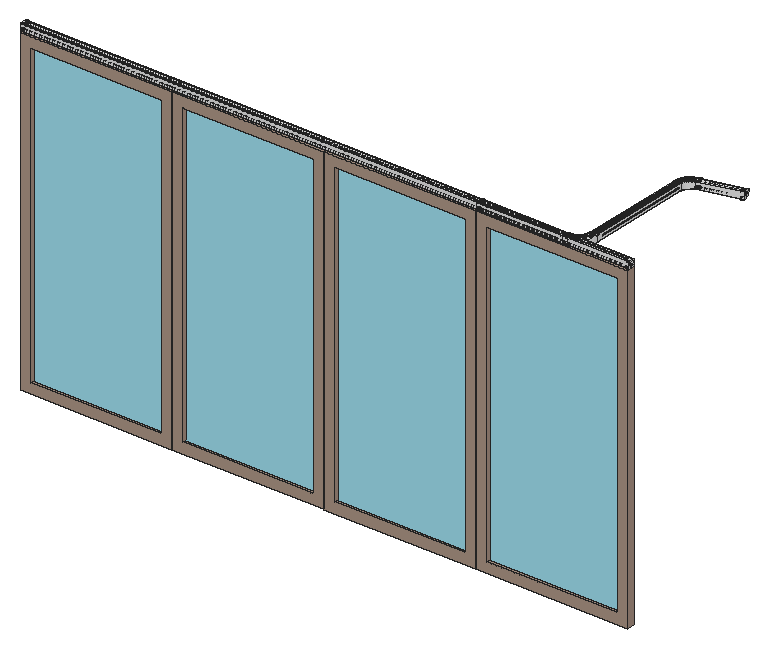
Revit family "RAYDOOR-SSPE3PV1", category Doors, host Wall, Revit 2016
Family settings
  Host = Wall
  Always vertical = Yes
  Cut with Voids When Loaded = No
  Shared = No
  Room Calculation Point = No
Parameters (values of type "174 3/4"x95"")
  URL = "www.raydoor.com"
  Type Image = SPEPV.jpg
  Thickness = 2 1/4"  # constant formula
  Rough Width = 1"  # constant formula
  Rough Height = (Width - 5/16") / 4  # 43 39/64"
  Model = "SSPEPV"
  Function = Interior
  Door Material = Door - Panel
  Panel Material = Glass, Cast, Gray
  Height = 95"
  Trim Projection Ext = 63/64"  # constant formula
  Typ = 3"  # constant formula
  Wall Closure = By host
  Width = 174 3/4"
  Assembly Code = "SSPE3PV1"
Reference planes (in)
  plane 1: y = 0.00227
  plane 2: z = 0
  plane 3: x = 29.9
  plane 4: x = -13.7875
  plane 5: x = 160.9625
  plane 6: z = 95
  plane 7: x = 157.9625
  plane 8: x = 159.4625
  plane 9: x = -12.2875
  plane 10: x = -10.7875
  plane 11: y = -1.12355
  plane 12: y = 1.12645
  plane 13: z = 92.78125
  plane 14: x = 32.9
  plane 15: x = 31.4
  plane 16: x = 26.9
  plane 17: x = 28.4
  plane 18: x = 115.775
  plane 19: x = 117.275
  plane 20: x = 114.275
  plane 21: x = 72.0875
  plane 22: x = 73.5875
  plane 23: x = 70.5875
  plane 24: x = 75.0875
  plane 25: x = 76.5875
  plane 26: x = 118.775
  plane 27: x = 120.275
Forms (in)
  Extrusion 1, solid, material "Door - Panel" <- "Door Material"
    sketch origin (-58, 3.87418, 0.25) x (1, 0, 0) y (0, 0, 1)
      loop
        line (87.93125, 92.53125) -> (87.93125, 0.375) -> (131.55625, 0.375) -> (131.55625, 92.53125) -> (87.93125, 92.53125)
      loop
        line (90.93125, 89.53125) -> (90.93125, 3.375) -> (128.55625, 3.375) -> (128.55625, 89.53125) -> (90.93125, 89.53125)
    from 2.74773 to 4.99773
  Extrusion 2, solid, material "Glass, Cast, Gray" <- "Panel Material"
    sketch origin (-57.74997, -26.22787, 0.25) x (1, 0, 0) y (0, 0, 1)
      loop
        line (87.68122, 92.53125) -> (87.68122, 0.375) -> (131.30622, 0.375) -> (131.30622, 92.53125) -> (87.68122, 92.53125)
    from -26.35104 to -26.10268
  Extrusion 3, solid, material "UHMW, White", detail levels medium+fine
    sketch origin (110.27771, -1.73342, 0.25) x (0, 1, 0) y (0, 0, 1)
      loop
        line (1.34199, 92.53125) -> (1.34199, 91.52165) -> (2.12939, 91.52165) -> (2.12939, 92.53125) -> (1.34199, 92.53125)
    from -52.22771 to -49.72771
  Extrusion 4, solid, material "UHMW, White"
    sketch origin (0, 40.4202, -9.0893) x (0, 1, 0) y (0, 0, 1)
      loop
        arc (-39.68171, 103.71529) -> (-39.61212, 103.68646) -> (-39.58329, 103.61686) r 0.09843
        line (-39.58329, 103.61686) -> (-39.58329, 102.83537)
        arc (-39.58329, 102.83537) -> (-39.61289, 102.79387) -> (-39.66373, 102.79009) r 0.06004
        line (-39.66373, 102.79009) -> (-40.08329, 102.79009)
        arc (-40.08329, 102.79009) -> (-40.09721, 102.78433) -> (-40.10297, 102.77041) r 0.01969
        line (-40.10297, 102.77041) -> (-40.10297, 102.41607) -> (-40.04392, 102.41607)
        arc (-40.04392, 102.41607) -> (-40.03, 102.42184) -> (-40.02423, 102.43576) r 0.01969
        line (-40.02423, 102.43576) -> (-40.02423, 102.63261)
        arc (-40.02423, 102.63261) -> (-40.01847, 102.64653) -> (-40.00455, 102.6523) r 0.01969
        line (-40.00455, 102.6523) -> (-39.55179, 102.6523) -> (-39.55179, 102.21922)
        arc (-39.55179, 102.21922) -> (-39.55756, 102.20531) -> (-39.57148, 102.19954) r 0.01969
        line (-39.57148, 102.19954) -> (-40.07345, 102.19954)
        arc (-40.07345, 102.19954) -> (-40.10297, 102.16017) -> (-40.07345, 102.1208) r 0.04101
        line (-40.07345, 102.1208) -> (-39.51242, 102.1208)
        arc (-39.51242, 102.1208) -> (-39.48458, 102.13233) -> (-39.47305, 102.16017) r 0.03937
        line (-39.47305, 102.16017) -> (-39.47305, 104.05943)
        arc (-39.47305, 104.05943) -> (-39.4818, 104.08055) -> (-39.50292, 104.0893) r 0.02987
        line (-39.50292, 104.0893) -> (-39.55179, 104.0893) -> (-39.55179, 103.82552) -> (-40.02423, 103.82552) -> (-40.02423, 103.91214) -> (-39.95337, 103.91214) -> (-39.95337, 103.983) -> (-40.07345, 103.983)
        arc (-40.07345, 103.983) -> (-40.09433, 103.97436) -> (-40.10297, 103.95348) r 0.02953
        line (-40.10297, 103.95348) -> (-40.10297, 103.73497)
        arc (-40.10297, 103.73497) -> (-40.09721, 103.72105) -> (-40.08329, 103.71529) r 0.01969
        line (-40.08329, 103.71529) -> (-39.68171, 103.71529)
      loop
        line (-39.55967, 104.0893) -> (-41.2762, 104.0893) -> (-41.2762, 103.99088) -> (-41.20534, 103.99088) -> (-41.20534, 103.89998) -> (-41.2762, 103.89998) -> (-41.2762, 103.84127) -> (-40.81951, 103.84127) -> (-40.81951, 103.89998) -> (-40.89038, 103.89998) -> (-40.89038, 103.99088) -> (-40.75555, 103.99088)
        arc (-40.75555, 103.99088) -> (-40.73784, 103.98498) -> (-40.72721, 103.96964) r 0.02953
        line (-40.72721, 103.96964) -> (-40.70559, 103.89245) -> (-40.13028, 103.89245) -> (-40.10866, 103.96964)
        arc (-40.10866, 103.96964) -> (-40.09803, 103.98498) -> (-40.08032, 103.99088) r 0.02953
        line (-40.08032, 103.99088) -> (-39.94549, 103.99088) -> (-39.94549, 103.89998) -> (-40.01636, 103.89998) -> (-40.01636, 103.84127) -> (-39.55967, 103.84127) -> (-39.55967, 103.89998) -> (-39.63053, 103.89998) -> (-39.63053, 103.99088) -> (-39.55967, 103.99088) -> (-39.55967, 104.0893)
      loop
        line (-41.15416, 103.71529) -> (-40.75258, 103.71529)
        arc (-40.75258, 103.71529) -> (-40.73866, 103.72105) -> (-40.7329, 103.73497) r 0.01969
        line (-40.7329, 103.73497) -> (-40.7329, 103.95348)
        arc (-40.7329, 103.95348) -> (-40.74154, 103.97436) -> (-40.76242, 103.983) r 0.02953
        line (-40.76242, 103.983) -> (-40.8825, 103.983) -> (-40.8825, 103.91214) -> (-40.81164, 103.91214) -> (-40.81164, 103.82552) -> (-41.28408, 103.82552) -> (-41.28408, 104.0893) -> (-41.33295, 104.0893)
        arc (-41.33295, 104.0893) -> (-41.35407, 104.08055) -> (-41.36282, 104.05943) r 0.02987
        line (-41.36282, 104.05943) -> (-41.36282, 102.16017)
        arc (-41.36282, 102.16017) -> (-41.35129, 102.13233) -> (-41.32345, 102.1208) r 0.03937
        line (-41.32345, 102.1208) -> (-40.76242, 102.1208)
        arc (-40.76242, 102.1208) -> (-40.7329, 102.16017) -> (-40.76242, 102.19954) r 0.04101
        line (-40.76242, 102.19954) -> (-41.26439, 102.19954)
        arc (-41.26439, 102.19954) -> (-41.27831, 102.20531) -> (-41.28408, 102.21922) r 0.01969
        line (-41.28408, 102.21922) -> (-41.28408, 102.6523) -> (-40.83132, 102.6523)
        arc (-40.83132, 102.6523) -> (-40.8174, 102.64653) -> (-40.81164, 102.63261) r 0.01969
        line (-40.81164, 102.63261) -> (-40.81164, 102.43576)
        arc (-40.81164, 102.43576) -> (-40.80587, 102.42184) -> (-40.79195, 102.41607) r 0.01969
        line (-40.79195, 102.41607) -> (-40.7329, 102.41607) -> (-40.7329, 102.77041)
        arc (-40.7329, 102.77041) -> (-40.73866, 102.78433) -> (-40.75258, 102.79009) r 0.01969
        line (-40.75258, 102.79009) -> (-41.17214, 102.79009)
        arc (-41.17214, 102.79009) -> (-41.22298, 102.79387) -> (-41.25258, 102.83537) r 0.06004
        line (-41.25258, 102.83537) -> (-41.25258, 103.61686)
        arc (-41.25258, 103.61686) -> (-41.22375, 103.68646) -> (-41.15416, 103.71529) r 0.09843
    from -13.7875 to 160.9625
  Extrusion 5, solid, material "UHMW, White"
    sketch origin (-92.86615, -11.16274, 94.125) x (0, -1, 0) y (1, 0, 0)
      loop
        circle (-11.16501, 124.26615) r 0.125
    from -1.34375 to 0.875
  Extrusion 6, void
    sketch origin (-195.25, -5.58383, 0.25) x (1, 0, 0) y (0, 0, 1)
      loop
        line (181.4625, -0.25) -> (356.2125, -0.25) -> (356.2125, 94.75) -> (181.4625, 94.75) -> (181.4625, -0.25)
    from -8.08609 to -3.08609
  Extrusion 7, solid, material "UHMW, White", detail levels medium+fine
    sketch origin (107.27771, -1.73342, 0.25) x (0, 1, 0) y (0, 0, 1)
      loop
        line (1.34199, 92.53125) -> (1.34199, 91.52165) -> (2.12939, 91.52165) -> (2.12939, 92.53125) -> (1.34199, 92.53125)
    from -52.22771 to -49.72771
  Extrusion 8, solid, material "UHMW, White"
    sketch origin (-95.86615, -11.16274, 94.125) x (0, -1, 0) y (1, 0, 0)
      loop
        circle (-11.16501, 124.26615) r 0.125
    from -1.34375 to 0.875
  Sweep 9, solid, material "UHMW, White"
    path origin (0, 0, 0) x (1, 0, 0) y (0, 1, 0)
      loop
        line (160.9625, 42.10566) -> (149.12686, 38.79963)
        arc (149.12686, 38.79963) -> (146.75296, 37.18602) -> (145.8375, 34.46553) r 4.5
        line (145.8375, 34.46553) -> (145.8375, 4.55774)
        arc (145.8375, 4.55774) -> (144.75692, 1.94899) -> (142.14817, 0.86841) r 3.68933
        line (142.14817, 0.86841) -> (117.275, 0.86841)
    profile origin (129.71158, 0.86841, 0) x (0, -1, 0) y (0, 0, 1)
      loop
        line (0.11024, 93.74606) -> (0.11024, 94.52756)
        arc (0.11024, 94.52756) -> (0.13906, 94.59716) -> (0.20866, 94.62598) r 0.09843
        line (0.20866, 94.62598) -> (0.61024, 94.62598)
        arc (0.61024, 94.62598) -> (0.62415, 94.63175) -> (0.62992, 94.64567) r 0.01969
        line (0.62992, 94.64567) -> (0.62992, 94.86417)
        arc (0.62992, 94.86417) -> (0.62127, 94.88505) -> (0.60039, 94.8937) r 0.02953
        line (0.60039, 94.8937) -> (0.48031, 94.8937) -> (0.48031, 94.82283) -> (0.55118, 94.82283) -> (0.55118, 94.73622) -> (0.07874, 94.73622) -> (0.07874, 95) -> (0.02987, 95)
        arc (0.02987, 95) -> (0.00875, 94.99125) -> (0, 94.97013) r 0.02987
        line (0, 94.97013) -> (0, 93.07087)
        arc (0, 93.07087) -> (0.01153, 93.04303) -> (0.03937, 93.0315) r 0.03937
        line (0.03937, 93.0315) -> (0.60039, 93.0315)
        arc (0.60039, 93.0315) -> (0.62992, 93.07087) -> (0.60039, 93.11024) r 0.04101
        line (0.60039, 93.11024) -> (0.09842, 93.11024)
        arc (0.09842, 93.11024) -> (0.0845, 93.116) -> (0.07874, 93.12992) r 0.01969
        line (0.07874, 93.12992) -> (0.07874, 93.56299) -> (0.5315, 93.56299)
        arc (0.5315, 93.56299) -> (0.54541, 93.55723) -> (0.55118, 93.54331) r 0.01969
        line (0.55118, 93.54331) -> (0.55118, 93.34646)
        arc (0.55118, 93.34646) -> (0.55695, 93.33254) -> (0.57087, 93.32677) r 0.01969
        line (0.57087, 93.32677) -> (0.62992, 93.32677) -> (0.62992, 93.6811)
        arc (0.62992, 93.6811) -> (0.62415, 93.69502) -> (0.61024, 93.70079) r 0.01969
        line (0.61024, 93.70079) -> (0.19067, 93.70079)
        arc (0.19067, 93.70079) -> (0.13984, 93.70457) -> (0.11024, 93.74606) r 0.06004
      loop
        line (1.77953, 94.52756) -> (1.77953, 93.74606)
        arc (1.77953, 93.74606) -> (1.74992, 93.70457) -> (1.69909, 93.70079) r 0.06004
        line (1.69909, 93.70079) -> (1.27953, 93.70079)
        arc (1.27953, 93.70079) -> (1.26561, 93.69502) -> (1.25984, 93.6811) r 0.01969
        line (1.25984, 93.6811) -> (1.25984, 93.32677) -> (1.3189, 93.32677)
        arc (1.3189, 93.32677) -> (1.33282, 93.33254) -> (1.33858, 93.34646) r 0.01969
        line (1.33858, 93.34646) -> (1.33858, 93.54331)
        arc (1.33858, 93.54331) -> (1.34435, 93.55723) -> (1.35827, 93.56299) r 0.01969
        line (1.35827, 93.56299) -> (1.81102, 93.56299) -> (1.81102, 93.12992)
        arc (1.81102, 93.12992) -> (1.80526, 93.116) -> (1.79134, 93.11024) r 0.01969
        line (1.79134, 93.11024) -> (1.28937, 93.11024)
        arc (1.28937, 93.11024) -> (1.25984, 93.07087) -> (1.28937, 93.0315) r 0.04101
        line (1.28937, 93.0315) -> (1.85039, 93.0315)
        arc (1.85039, 93.0315) -> (1.87823, 93.04303) -> (1.88976, 93.07087) r 0.03937
        line (1.88976, 93.07087) -> (1.88976, 94.97013)
        arc (1.88976, 94.97013) -> (1.88102, 94.99125) -> (1.85989, 95) r 0.02987
        line (1.85989, 95) -> (1.81102, 95) -> (1.81102, 94.73622) -> (1.33858, 94.73622) -> (1.33858, 94.82283) -> (1.40945, 94.82283) -> (1.40945, 94.8937) -> (1.28937, 94.8937)
        arc (1.28937, 94.8937) -> (1.26849, 94.88505) -> (1.25984, 94.86417) r 0.02953
        line (1.25984, 94.86417) -> (1.25984, 94.64567)
        arc (1.25984, 94.64567) -> (1.26561, 94.63175) -> (1.27953, 94.62598) r 0.01969
        line (1.27953, 94.62598) -> (1.6811, 94.62598)
        arc (1.6811, 94.62598) -> (1.7507, 94.59716) -> (1.77953, 94.52756) r 0.09843
      loop
        line (0.65723, 94.80315) -> (1.23253, 94.80315) -> (1.25416, 94.88034)
        arc (1.25416, 94.88034) -> (1.26479, 94.89568) -> (1.2825, 94.90157) r 0.02953
        line (1.2825, 94.90157) -> (1.41732, 94.90157) -> (1.41732, 94.81067) -> (1.34646, 94.81067) -> (1.34646, 94.75197) -> (1.80315, 94.75197) -> (1.80315, 94.81067) -> (1.73228, 94.81067) -> (1.73228, 94.90157) -> (1.80315, 94.90157) -> (1.80315, 95) -> (0.08661, 95) -> (0.08661, 94.90157) -> (0.15748, 94.90157) -> (0.15748, 94.81067) -> (0.08661, 94.81067) -> (0.08661, 94.75197) -> (0.54331, 94.75197) -> (0.54331, 94.81067) -> (0.47244, 94.81067) -> (0.47244, 94.90157) -> (0.60726, 94.90157)
        arc (0.60726, 94.90157) -> (0.62497, 94.89568) -> (0.6356, 94.88034) r 0.02953
        line (0.6356, 94.88034) -> (0.65723, 94.80315)
  Extrusion 10, solid, material "UHMW, White"
    sketch origin (-54.96465, -11.16274, 94.125) x (0, -1, 0) y (1, 0, 0)
      loop
        circle (-11.16501, 127.05215) r 0.125
    from -1.34375 to 0.875
  Extrusion 11, solid, material "UHMW, White"
    sketch origin (-174.88132, -11.16274, 94.125) x (0, -1, 0) y (1, 0, 0)
      loop
        circle (-11.16501, 162.59382) r 0.125
    from -1.34375 to 0.875
  Extrusion 12, solid, material "Door - Panel" <- "Door Material"
    sketch origin (-282, 3.87418, 0.25) x (1, 0, 0) y (0, 0, 1)
      loop
        line (268.275, 92.53125) -> (268.275, 0.375) -> (311.86875, 0.375) -> (311.86875, 92.53125) -> (268.275, 92.53125)
      loop
        line (271.275, 89.53125) -> (271.275, 3.375) -> (308.86875, 3.375) -> (308.86875, 89.53125) -> (271.275, 89.53125)
    from 2.74773 to 4.99773
  Extrusion 13, solid, material "Glass, Cast, Gray" <- "Panel Material"
    sketch origin (-281.84169, -25.60041, 0.25) x (1, 0, 0) y (0, 0, 1)
      loop
        line (268.11669, 92.53125) -> (268.11669, 0.375) -> (311.71044, 0.375) -> (311.71044, 92.53125) -> (268.11669, 92.53125)
    from -25.72358 to -25.47522
  Extrusion 14, solid, material "UHMW, White"
    sketch origin (27.63385, -11.16274, 94.125) x (0, -1, 0) y (1, 0, 0)
      loop
        circle (-11.16501, 131.82865) r 0.125
    from -1.34375 to 0.875
  Extrusion 15, solid, material "UHMW, White"
    sketch origin (-13.53282, -11.16274, 94.125) x (0, -1, 0) y (1, 0, 0)
      loop
        circle (-11.16501, 129.30782) r 0.125
    from -1.34375 to 0.875
  Extrusion 16, solid, material "UHMW, White"
    sketch origin (-51.38132, -11.16274, 94.125) x (0, -1, 0) y (1, 0, 0)
      loop
        circle (-11.16501, 126.46882) r 0.125
    from -1.34375 to 0.875
  Extrusion 17, solid, material "Door - Panel" <- "Door Material"
    sketch origin (-13, 3.87418, 0.25) x (1, 0, 0) y (0, 0, 1)
      loop
        line (86.61875, 92.53125) -> (86.61875, 0.375) -> (130.24375, 0.375) -> (130.24375, 92.53125) -> (86.61875, 92.53125)
      loop
        line (89.61875, 89.53125) -> (89.61875, 3.375) -> (127.24375, 3.375) -> (127.24375, 89.53125) -> (89.61875, 89.53125)
    from 2.74773 to 4.99773
  Extrusion 18, solid, material "Glass, Cast, Gray" <- "Panel Material"
    sketch origin (-12.74997, -26.22787, 0.25) x (1, 0, 0) y (0, 0, 1)
      loop
        line (86.36872, 92.53125) -> (86.36872, 0.375) -> (129.99372, 0.375) -> (129.99372, 92.53125) -> (86.36872, 92.53125)
    from -26.35104 to -26.10268
  Extrusion 19, solid, material "Door - Panel" <- "Door Material"
    sketch origin (29, 3.87418, 0.25) x (1, 0, 0) y (0, 0, 1)
      loop
        line (88.30625, 92.53125) -> (88.30625, 0.375) -> (131.9, 0.375) -> (131.9, 92.53125) -> (88.30625, 92.53125)
      loop
        line (91.30625, 89.53125) -> (91.30625, 3.375) -> (128.9, 3.375) -> (128.9, 89.53125) -> (91.30625, 89.53125)
    from 2.74773 to 4.99773
  Extrusion 20, solid, material "Glass, Cast, Gray" <- "Panel Material"
    sketch origin (29.25003, -26.22787, 0.25) x (1, 0, 0) y (0, 0, 1)
      loop
        line (88.05622, 92.53125) -> (88.05622, 0.375) -> (131.64997, 0.375) -> (131.64997, 92.53125) -> (88.05622, 92.53125)
    from -26.35104 to -26.10268
Lines and regions (in)
  Masking region 1
    outline origin (0, 0, 0) x (1, 0, 0) y (0, 1, 0)
      loop
        line (159.5875, -2.18605) -> (159.5875, 41.42332) -> (157.3375, 41.42332) -> (157.3375, -2.18605) -> (159.5875, -2.18605)
      loop
        line (157.0875, 41.42332) -> (154.8375, 41.42332) -> (154.8375, -2.18605) -> (157.0875, -2.18605) -> (157.0875, 41.42332)
      loop
        line (154.5875, 41.42332) -> (152.3375, 41.42332) -> (152.3375, -2.18605) -> (154.5875, -2.18605) -> (154.5875, 41.42332)
      loop
        line (152.0875, 41.42332) -> (149.8375, 41.42332) -> (149.8375, -2.18605) -> (152.0875, -2.18605) -> (152.0875, 41.42332)
  model lines
    curve 1: line (-13.7875, 2.50227, 0) -> (160.9625, 2.50227, 0)
    curve 2: line (-13.7875, -2.49773, 0) -> (160.9625, -2.49773, 0)
  symbolic lines, style "Plan Swing"
    curve 3: line (87.76898, -11.05138, 0) -> (62.21852, -11.05138, 0)
    curve 4: line (62.21852, -11.05138, 0) -> (64.33984, -8.93006, 0)
    curve 5: line (87.76898, -12.57036, 0) -> (62.21852, -12.57036, 0)
    curve 6: line (85.64766, -14.69168, 0) -> (87.76898, -12.57036, 0)
  symbolic lines, style "Elevation Swing"
    curve 7: line (58.21042, 0, 37.98833) -> (88.96458, 0, 37.98833)
    curve 8: line (88.96458, 0, 32.79755) -> (58.21042, 0, 32.79755)
    curve 9: line (58.21042, 0, 37.98833) -> (61.74595, 0, 41.52386)
    curve 10: line (85.42905, 0, 29.26202) -> (88.96458, 0, 32.79755)
  symbolic lines, style "DoorsHiddenLines"
    curve 11: line (148.80153, 38.627, 94.80315) -> (160.9625, 42.02391, 94.80315)
    curve 12: arc (148.80153, 38.627, 94.80315) -> (147.06029, 37.58863, 94.80315) -> (145.91624, 35.91494, 94.80315) r 4.71378
    curve 13: line (145.91624, 35.91494, 94.80315) -> (145.91624, 4.55779, 94.80315)
    curve 14: arc (145.91624, 4.55779, 94.80315) -> (144.81107, 1.89178, 94.80315) -> (142.14379, 0.78967, 94.80315) r 3.76807
    curve 19: arc (117.275, -1.12355, 0) -> (129.81665, 29.62791, 0) -> (160.9625, 41.15532, 0) r 41.22821
  symbolic lines, style "DoorsHiddenLines", not visible
    curve 15: line (160.9625, 42.42332, 94.80315) -> (140.2125, 42.42332, 94.80315)
    curve 16: line (160.9625, -2.12355, 94.80315) -> (160.9625, 42.42332, 94.80315)
    curve 17: line (140.2125, -2.12355, 94.80315) -> (160.9625, -2.12355, 94.80315)
    curve 18: line (140.2125, 42.42332, 94.80315) -> (140.2125, -2.12355, 94.80315)
Text (in)
  text "Staking Area" at (165.85819, 29.89776, 0), in view "Ground floor"
Dimensions and locks (in)
  "Height": plane 6 to plane 2
  equal spacing: plane 7, plane 8, plane 5
  "Typ": plane 7 to plane 5
  "Typ": Extrusion 1 sketch curve to Extrusion 1 sketch curve  (x4)
  locked: Extrusion 2 to Extrusion 2 at 0.24836
  "Typ": plane 4 to plane 10
  "Thickness": plane 12 to plane 11
  equal spacing: plane 4, plane 9, plane 10
  locked: plane 3 to Extrusion 5 sketch curve at 1.625
  locked: plane 6 to plane 13 at 2.21875
  "Typ": plane 3 to plane 14
  equal spacing: plane 3, plane 15, plane 14
  "Typ": plane 3 to plane 16
  equal spacing: plane 3, plane 17, plane 16
  locked: Extrusion 5 sketch curve to plane 11 at 1.12582
  "Typ": plane 20 to plane 19
  equal spacing: plane 20, plane 18, plane 19
  "Typ": plane 23 to plane 22
  equal spacing: plane 23, plane 21, plane 22
  equal spacing: plane 4, plane 3, plane 22, plane 19, plane 5
  "Typ": plane 22 to plane 25
  equal spacing: plane 22, plane 24, plane 25
  "Typ": plane 19 to plane 27
  equal spacing: plane 19, plane 26, plane 27
  locked: plane 11 to curve 17 at 1
  locked: Masking region 1 sketch curve to host wall at 2.18832
  locked: Masking region 1 sketch curve to plane 5 at 1.375
  "Thickness": Masking region 1 sketch curve to Masking region 1 sketch curve  (x4)
  "Rough Height": Masking region 1 sketch curve to Masking region 1 sketch curve
  locked: Masking region 1 sketch curve to Masking region 1 sketch curve at 0.25  (x3)
  locked: Extrusion 10 sketch curve to plane 21 at 0.125
  "Typ": Extrusion 12 sketch curve to Extrusion 12 sketch curve  (x4)
  locked: Extrusion 13 to Extrusion 13 at 0.24836
  locked: Extrusion 16 sketch curve to plane 24 at 0.125
  "Typ": Extrusion 17 sketch curve to Extrusion 17 sketch curve  (x4)
  locked: Extrusion 18 to Extrusion 18 at 0.24836
  "Typ": Extrusion 19 sketch curve to Extrusion 19 sketch curve  (x4)
  locked: Extrusion 20 to Extrusion 20 at 0.24836
  locked: curve 15 to Masking region 1 at 1
  "Width": plane 4 to plane 5
  Extrusion 12 to level = 5/8"
  Extrusion 4 to plane 6 = 1.9685"
  Extrusion 4 to Extrusion 4 = 1.88976"
  plane 13 to Extrusion 4 = 0.25025"
  plane 13 to plane 6 = 2 7/32"
  locked: curve 15 to Sweep 9 sketch curve at 0.31766
  locked: plane 4 to Extrusion 12 sketch curve at 0.0625
  locked: Extrusion 19 sketch curve to plane 5 at 0.0625
  locked: plane 19 to Extrusion 19 sketch curve at 0.03125
  locked: Extrusion 17 sketch curve to plane 19 at 0.03125
  locked: plane 22 to Extrusion 17 sketch curve at 0.03125
  locked: Extrusion 1 sketch curve to plane 22 at 0.03125
  locked: Extrusion 1 sketch curve to plane 3 at 0.03125
  locked: Extrusion 11 sketch curve to plane 9 at 0.125
  locked: Extrusion 12 sketch curve to plane 3 at 0.03125
  locked: curve 18 to Masking region 1 at 9.625
  locked: host wall to Sweep 9 sketch curve at 0.86614
  locked: Sweep 9 sketch curve to Masking region 1 at 4
  diameter of Extrusion 5 sketch curve = 1/4"
  diameter of Extrusion 8 sketch curve = 1/4"
  radius of Sweep 9 sketch curve = 3.68933"
  radius of Sweep 9 sketch curve = 4 1/2"
  locked: Sweep 9 sketch curve to Sweep 9 sketch curve (angle 105.607°)
  aligned and locked: plane 5 to curve 1
  aligned and locked: Extrusion 1 to Extrusion 2
  aligned and locked: plane 4 to Extrusion 6
  aligned and locked: host wall to Extrusion 6  (x2)
  aligned and locked: Extrusion 6 to plane 5
  aligned and locked: level to Extrusion 6
  aligned and locked: plane 13 to Extrusion 8
  aligned and locked: Extrusion 8 to plane 6
  aligned and locked: host wall to curve 2
  aligned and locked: Extrusion 5 to plane 6
  aligned and locked: plane 13 to Extrusion 5
  aligned and locked: Extrusion 1 to Extrusion 2 sketch curve
  aligned and locked: Extrusion 7 to plane 13
  aligned and locked: Extrusion 3 to plane 13
  aligned and locked: plane 6 to Extrusion 4 sketch curve
  aligned and locked: plane 4 to Extrusion 4
  aligned and locked: Extrusion 4 to plane 5
  aligned and locked: curve 16 to plane 5
  aligned and locked: Masking region 1 sketch curve to Masking region 1 sketch curve  (x6)
  aligned and locked: plane 13 to Extrusion 10
  aligned and locked: Extrusion 10 to plane 6
  aligned and locked: Extrusion 12 to Extrusion 13
  aligned and locked: Extrusion 12 to Extrusion 13 sketch curve
  aligned and locked: plane 13 to Extrusion 11
  aligned and locked: Extrusion 11 to plane 6
  aligned and locked: Extrusion 12 to plane 13
  aligned and locked: Extrusion 16 to plane 6
  aligned and locked: plane 13 to Extrusion 16
  aligned and locked: Extrusion 15 to plane 6
  aligned and locked: Extrusion 14 to plane 6
  aligned and locked: plane 13 to Extrusion 14
  aligned and locked: plane 13 to Extrusion 15
  aligned and locked: Extrusion 17 to Extrusion 18
  aligned and locked: Extrusion 17 to Extrusion 18 sketch curve
  aligned and locked: Extrusion 19 to Extrusion 20
  aligned and locked: Extrusion 19 to Extrusion 20 sketch curve
  aligned and locked: Extrusion 17 to plane 13
  aligned and locked: Sweep 9 sketch curve to plane 6
  aligned and locked: Extrusion 20 to Extrusion 19  (x2)
  aligned and locked: Extrusion 18 to Extrusion 17  (x2)
  aligned and locked: Extrusion 2 to Extrusion 1  (x2)
  aligned and locked: Extrusion 13 to Extrusion 12  (x2)
  aligned and locked: curve 11 to Sweep 9
  aligned and locked: curve 13 to Sweep 9
  aligned and locked: curve 14 to Sweep 9
Automatic sketch dimensions
  curve 1 to level = 0"
  plane 4 to curve 1 = 0"
  Extrusion 1 sketch curve to plane 13 = 0"
  level to Extrusion 1 sketch curve = 3 5/8"
  plane 3 to Extrusion 2 sketch curve = 1/32"
  plane 22 to Extrusion 2 sketch curve = 1/32"
  Extrusion 2 sketch curve to plane 13 = 0"
  plane 13 to Extrusion 3 sketch curve = 0"
  host wall to Extrusion 3 sketch curve = 0.3937"
  Extrusion 3 sketch curve to host wall = 0.3937"
  plane 13 to Extrusion 3 sketch curve = 1.0096"
  plane 6 to Extrusion 4 sketch curve = 0"  (x2)
  plane 6 to Extrusion 4 sketch curve = 0.02987"
  plane 11 to Extrusion 4 sketch curve = 0.18094"
  Extrusion 4 sketch curve to Extrusion 4 sketch curve = 0.03937"  (x6)
  Extrusion 4 sketch curve to Extrusion 4 sketch curve = 0.04887"  (x2)
  plane 11 to Extrusion 4 sketch curve = 0.25968"
  Extrusion 4 sketch curve to Extrusion 4 sketch curve = 0.00787"  (x7)
  Extrusion 4 sketch curve to Extrusion 4 sketch curve = 0.01969"  (x6)
  Extrusion 4 sketch curve to Extrusion 4 sketch curve = 0.0315"
  Extrusion 4 sketch curve to Extrusion 4 sketch curve = 0.07087"  (x5)
  Extrusion 4 sketch curve to Extrusion 4 sketch curve = 0.05905"
  Extrusion 4 sketch curve to Extrusion 4 sketch curve = 0.02138"  (x2)
  Extrusion 4 sketch curve to Extrusion 4 sketch curve = 0.09843"  (x2)
  Extrusion 4 sketch curve to Extrusion 4 sketch curve = 0.31496"
  Extrusion 4 sketch curve to Extrusion 4 sketch curve = 0.34082"  (x2)
  Extrusion 4 sketch curve to Extrusion 4 sketch curve = 0.01804"
  Extrusion 4 sketch curve to Extrusion 4 sketch curve = 0.04921"  (x2)
  Extrusion 4 sketch curve to Extrusion 4 sketch curve = 0.01148"  (x2)
  Extrusion 4 sketch curve to Extrusion 4 sketch curve = 0.00687"  (x2)
  Extrusion 4 sketch curve to Extrusion 4 sketch curve = 0.07874"
  Extrusion 4 sketch curve to Extrusion 4 sketch curve = 0.05906"  (x5)
  Extrusion 4 sketch curve to Extrusion 4 sketch curve = 0.02266"  (x2)
  plane 6 to Extrusion 4 sketch curve = 0.11966"  (x2)
  Extrusion 4 sketch curve to Extrusion 4 sketch curve = 0.00568"  (x2)
  Extrusion 4 sketch curve to Extrusion 4 sketch curve = 0.02731"
  Extrusion 4 sketch curve to host wall = 0.28765"
  Extrusion 4 sketch curve to Extrusion 4 sketch curve = 0.02162"
  Extrusion 4 sketch curve to host wall = 0.31496"
  Extrusion 4 sketch curve to Extrusion 4 sketch curve = 0.02953"
  Extrusion 4 sketch curve to Extrusion 4 sketch curve = 0.26378"
  plane 6 to Extrusion 4 sketch curve = 0.09843"
  Extrusion 4 sketch curve to Extrusion 4 sketch curve = 0.05118"
  Extrusion 4 sketch curve to plane 12 = 0.27772"
  Extrusion 4 sketch curve to Extrusion 4 sketch curve = 0.11193"
  Extrusion 4 sketch curve to Extrusion 4 sketch curve = 0.00829"  (x2)
  Extrusion 4 sketch curve to Extrusion 4 sketch curve = 0.01616"  (x2)
  Extrusion 4 sketch curve to Extrusion 4 sketch curve = 0.04134"  (x2)
  Extrusion 4 sketch curve to Extrusion 4 sketch curve = 0.01216"  (x2)
  Extrusion 4 sketch curve to Extrusion 4 sketch curve = 0.0909"
  plane 6 to Extrusion 4 sketch curve = 0.18933"
  Extrusion 4 sketch curve to Extrusion 4 sketch curve = 0.06102"
  Extrusion 4 sketch curve to Extrusion 4 sketch curve = 0.05871"  (x2)
  Extrusion 4 sketch curve to Extrusion 4 sketch curve = 0.01575"  (x2)
  Extrusion 4 sketch curve to Extrusion 4 sketch curve = 0.09055"  (x2)
  Extrusion 4 sketch curve to Extrusion 4 sketch curve = 0.77067"  (x2)
  Extrusion 4 sketch curve to Extrusion 4 sketch curve = 0.01083"  (x2)
  Extrusion 4 sketch curve to Extrusion 4 sketch curve = 0.1378"  (x2)
  Extrusion 4 sketch curve to Extrusion 4 sketch curve = 0.19685"  (x2)
  Extrusion 4 sketch curve to plane 13 = 0.34867"  (x2)
  Extrusion 4 sketch curve to Extrusion 4 sketch curve = 0.06855"
  plane 4 to Extrusion 6 sketch curve = 0"
  plane 5 to Extrusion 6 sketch curve = 0"
  Extrusion 6 sketch curve to level = 0"
  Extrusion 6 sketch curve to plane 6 = 0"
  plane 13 to Extrusion 7 sketch curve = 0"
  host wall to Extrusion 7 sketch curve = 0.3937"
  Extrusion 7 sketch curve to host wall = 0.3937"
  plane 13 to Extrusion 7 sketch curve = 1.0096"
  host wall to Extrusion 8 sketch curve = 0"
  Extrusion 8 sketch curve to plane 17 = 0"
  curve 2 to level = 0"
  plane 5 to curve 2 = 0"
  plane 4 to curve 2 = 0"
  profile plane to Sweep 9 sketch curve = 0"
  Sweep 9 sketch curve to profile plane = 0.02987"
  Sweep 9 sketch curve to profile plane = 0.03937"
  Sweep 9 sketch curve to Sweep 9 sketch curve = 0.04887"  (x2)
  Sweep 9 sketch curve to profile plane = 0.07874"
  Sweep 9 sketch curve to Sweep 9 sketch curve = 0.00787"  (x8)
  Sweep 9 sketch curve to profile plane = 0.08661"
  Sweep 9 sketch curve to Sweep 9 sketch curve = 0.01969"  (x9)
  Sweep 9 sketch curve to profile plane = 0.11024"
  Sweep 9 sketch curve to Sweep 9 sketch curve = 0.07087"  (x3)
  Sweep 9 sketch curve to Sweep 9 sketch curve = 0.05905"  (x2)
  Sweep 9 sketch curve to Sweep 9 sketch curve = 0.02138"  (x2)
  Sweep 9 sketch curve to Sweep 9 sketch curve = 0.09843"
  Sweep 9 sketch curve to Sweep 9 sketch curve = 0.31496"
  Sweep 9 sketch curve to Sweep 9 sketch curve = 0.34082"  (x2)
  Sweep 9 sketch curve to Sweep 9 sketch curve = 0.06299"  (x2)
  Sweep 9 sketch curve to Sweep 9 sketch curve = 0.01804"
  Sweep 9 sketch curve to Sweep 9 sketch curve = 0.01148"  (x3)
  Sweep 9 sketch curve to Sweep 9 sketch curve = 0.04921"
  Sweep 9 sketch curve to Sweep 9 sketch curve = 0.00687"  (x2)
  Sweep 9 sketch curve to Sweep 9 sketch curve = 0.07874"
  Sweep 9 sketch curve to Sweep 9 sketch curve = 0.05906"  (x4)
  Sweep 9 sketch curve to Sweep 9 sketch curve = 0.00568"
  Sweep 9 sketch curve to Sweep 9 sketch curve = 0.02731"  (x2)
  Sweep 9 sketch curve to Sweep 9 sketch curve = 0.57531"
  Sweep 9 sketch curve to Sweep 9 sketch curve = 0.02162"
  Sweep 9 sketch curve to Sweep 9 sketch curve = 0.62992"
  Sweep 9 sketch curve to Sweep 9 sketch curve = 0.02834"
  Sweep 9 sketch curve to Sweep 9 sketch curve = 0.02953"
  Sweep 9 sketch curve to Sweep 9 sketch curve = 0"  (x3)
  Sweep 9 sketch curve to Sweep 9 sketch curve = 0.26378"
  Sweep 9 sketch curve to Sweep 9 sketch curve = 0.05118"  (x2)
  Sweep 9 sketch curve to Sweep 9 sketch curve = 0.49049"
  Sweep 9 sketch curve to Sweep 9 sketch curve = 0.11193"
  Sweep 9 sketch curve to Sweep 9 sketch curve = 0.02987"
  Sweep 9 sketch curve to Sweep 9 sketch curve = 0.03937"  (x2)
  Sweep 9 sketch curve to Sweep 9 sketch curve = 0.21654"  (x2)
  Sweep 9 sketch curve to Sweep 9 sketch curve = 0.19685"  (x2)
  Sweep 9 sketch curve to Sweep 9 sketch curve = 0.11811"  (x2)
  Sweep 9 sketch curve to Sweep 9 sketch curve = 0.04528"  (x2)
  Sweep 9 sketch curve to Sweep 9 sketch curve = 0.77067"  (x2)
  Sweep 9 sketch curve to Sweep 9 sketch curve = 0.11024"
  Sweep 9 sketch curve to Sweep 9 sketch curve = 0.09055"
  Sweep 9 sketch curve to Sweep 9 sketch curve = 0.01575"  (x2)
  Sweep 9 sketch curve to Sweep 9 sketch curve = 0.05871"  (x4)
  Sweep 9 sketch curve to Sweep 9 sketch curve = 0.01216"  (x2)
  Sweep 9 sketch curve to Sweep 9 sketch curve = 0.04134"  (x2)
  Sweep 9 sketch curve to Sweep 9 sketch curve = 0.01616"  (x2)
  Sweep 9 sketch curve to Sweep 9 sketch curve = 0.0909"  (x2)
  Sweep 9 sketch curve to Sweep 9 sketch curve = 0.06855"  (x2)
  host wall to Extrusion 10 sketch curve = 0"
  Extrusion 10 sketch curve to plane 21 = 0"
  host wall to Extrusion 11 sketch curve = 0"
  Extrusion 12 sketch curve to plane 13 = 0"
  level to Extrusion 12 sketch curve = 3 5/8"
  Extrusion 13 sketch curve to plane 4 = 1/16"
  Extrusion 13 sketch curve to plane 13 = 0"
  host wall to Extrusion 14 sketch curve = 0"
  Extrusion 14 sketch curve to plane 8 = 0"
  host wall to Extrusion 15 sketch curve = 0"
  Extrusion 15 sketch curve to plane 18 = 0"
  host wall to Extrusion 16 sketch curve = 0"
  Extrusion 16 sketch curve to plane 24 = 0"
  plane 13 to Extrusion 17 sketch curve = 0"
  level to Extrusion 17 sketch curve = 3 5/8"
  Extrusion 19 sketch curve to plane 13 = 0"
  level to Extrusion 19 sketch curve = 5/8"
  Extrusion 20 sketch curve to plane 7 = 2 15/16"
  plane 27 to Extrusion 20 sketch curve = 2 31/32"
  plane 13 to Extrusion 20 sketch curve = 0"
  Extrusion 18 sketch curve to plane 13 = 0"
  plane 19 to Extrusion 18 sketch curve = 1/32"
  plane 25 to Extrusion 18 sketch curve = 2 31/32"
  Extrusion 13 sketch curve to plane 10 = 40 21/32"
  curve 9 to plane 14 = 25.31042"
  level to curve 9 = 37.98833"
  plane 23 to curve 10 = 18.37708"
  curve 7 to curve 10 = 5.19077"
  curve 9 to plane 14 = 28.84595"
  curve 9 to curve 7 = 3.53553"
  plane 23 to curve 10 = 14.84155"
  curve 8 to curve 10 = 3.53553"
  curve 8 to plane 14 = 25.31042"
  curve 7 to curve 8 = 0"
  curve 19 to plane 11 = 0"
  curve 19 to plane 19 = 0"
  curve 19 to plane 5 = 0"
  plane 23 to curve 6 = 17.18148"
  curve 4 to plane 14 = 29.31852"
  host wall to curve 19 = 0.00082"
  curve 19 to plane 7 = 0.52535"
  host wall to curve 3 = 8.55364"
  curve 6 to curve 3 = 1.51898"
  plane 23 to curve 3 = 17.18148"
  plane 23 to curve 6 = 15.06016"
  host wall to curve 4 = 6.43232"
  curve 3 to curve 4 = 2.12132"
  curve 5 to curve 3 = 0"
  curve 6 to curve 5 = 2.12132"
  curve 13 to Sweep 9 = 0.68204"
  curve 12 to Sweep 9 = 3.55442"
  curve 13 to curve 14 = 1.01368"
  curve 11 to curve 13 = 3.50854"
  curve 14 to curve 14 = 3.62797"
  curve 11 to Sweep 9 = 0.02199"
  Sweep 9 sketch curve to plane 19 = 0"
  Sweep 9 sketch curve to plane 5 = 0"
  radius of Extrusion 14 sketch curve = 1/8"
  radius of Extrusion 15 sketch curve = 1/8"
  radius of Extrusion 11 sketch curve = 1/8"
